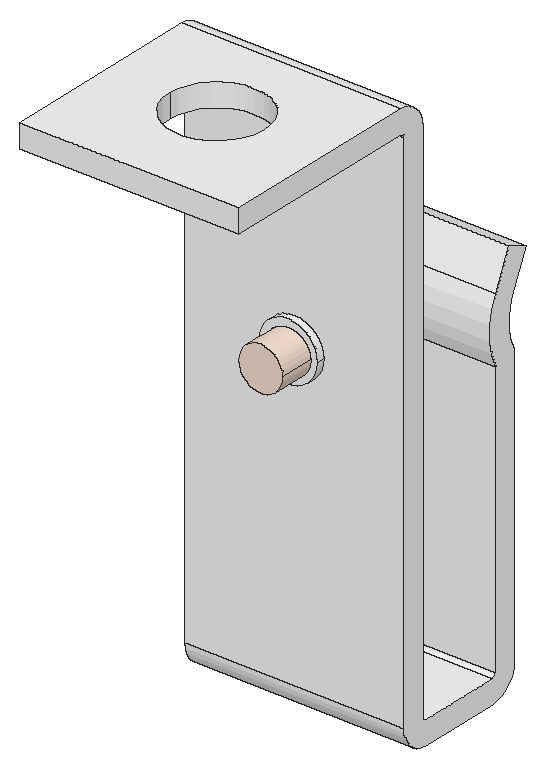
Revit family "RPハンガー3分用(C-38）", category 機械設備, Revit 2020
Family settings
  丸型コネクタ寸法 = 直径を使用
  種別 = なし
  パーツ タイプ = 標準
  作業面ベース = いいえ
  常に垂直 = はい
  ロード時にボイドで切り取り = いいえ
  共有 = いいえ
  部屋計算ポイント = いいえ
Parameters
  製造元 = "株式会社桐井製作所"
  既定の高さ = 0 mm
  URL = "https://www.kirii.co.jp/"
  K_材質 = "SGHC一般用"
  K_品名 = "RPハンガー3分用(C-38)"
  K_名称 = "耐震ハンガー"
  K_入数 = "120"
  K_バージョン情報 = "20210714"
  K_めっき付着量 = "Z12"
  K_JIS規格 = "JIS G 3302"
Reference planes
  plane 1 "中心(正面/背面)": y = 0
  plane 2: z = 0
  plane 3 "中心(左/右)": x = 0
Forms (mm)
  Extrusion 1, solid
    sketch origin (-15, 0, -3.2) x (0, 1, 0) y (0, 0, 1)
      loop
        arc (-9.95, 76.8) -> (-9.596, 76.654) -> (-9.45, 76.301) r 0.5
        line (-9.45, 76.301) -> (-9.45, 3.7)
        arc (-9.45, 3.7) -> (-8.366, 1.084) -> (-5.75, 0) r 3.7
        line (-5.75, 0) -> (5.75, 0)
        arc (5.75, 0) -> (8.366, 1.084) -> (9.45, 3.7) r 3.7
        line (9.45, 3.7) -> (9.45, 41.2)
        arc (9.45, 41.2) -> (9.372, 41.904) -> (9.14, 42.574) r 3.2
        arc (9.14, 42.574) -> (8.438, 45.649) -> (9.097, 48.734) r 7.312
        line (9.097, 48.734) -> (11.412, 53.817) -> (8.501, 55.143) -> (6.25, 50.2)
        arc (6.25, 50.2) -> (5.238, 45.7) -> (6.25, 41.2) r 10.512
        line (6.25, 41.2) -> (6.25, 3.7)
        arc (6.25, 3.7) -> (6.104, 3.346) -> (5.747, 3.2) r 0.5
        line (5.747, 3.2) -> (-5.75, 3.2)
        arc (-5.75, 3.2) -> (-6.104, 3.346) -> (-6.25, 3.7) r 0.5
        line (-6.25, 3.7) -> (-6.25, 76.3)
        arc (-6.25, 76.3) -> (-7.334, 78.916) -> (-9.95, 80) r 3.7
        line (-9.95, 80) -> (-37.699, 80) -> (-37.699, 76.8) -> (-9.95, 76.8)
    from 0 to 30
  Extrusion 2, void
    sketch origin (0, 0, -3.2) x (1, 0, 0) y (0, 0, 1)
      loop
        arc (3.5, 46.695) -> (0, 50.2) -> (-3.5, 46.695) r 3.5
        line (-3.5, 46.695) -> (-3.5, 43.695)
        arc (-3.5, 43.695) -> (0, 40.2) -> (3.5, 43.695) r 3.5
        line (3.5, 43.695) -> (3.5, 46.695)
    from -11 to -4
  Extrusion 3, void
    sketch origin (0, -9.45, -3.2) x (0, 0, -1) y (1, 0, 0)
      loop
        circle (-45.2, 0) r 3
    from -6 to 3
  Extrusion 4, solid
    sketch origin (0, -9.45, -3.2) x (0, 0, -1) y (1, 0, 0)
      loop
        circle (-45.2, 0) r 3
      loop
        circle (-45.2, 0) r 4
    from 0 to 1
  Extrusion 5, void
    sketch origin (0, 0, 0) x (1, 0, 0) y (0, 1, 0)
      loop
        circle (0, -22.699) r 6.5
    from 70 to 80
Cuts and joins
  Extrusion 2, Extrusion 3, Extrusion 5 cuts Extrusion 1
  Extrusion 3 cuts Extrusion 4
Dimensions and locks
  aligned and locked: level to plane 2
Nested families
  nested 1: "M6×25ボルト" at (0, 9.82, 42.149) x (-1, 0, 0) z (0, 0, 1), type "M6×25ボルト"
Definition of nested family "M6×25ボルト"
  Parameters (values of type "M6×25ボルト")
    Manufacturer = "株式会社桐井製作所"
    Default Elevation = 0 mm
    URL = "https://www.kirii.co.jp/"
    K_材料規格 = "M6×L25"
    K_品名 = "M6×25ボルト"
    K_名称 = "ボルト"
  Reference planes
    plane 1 "中心(正面/背面)": y = 0
    plane 2: z = 0
    plane 3 "中心(左/右)": x = 0
    plane 4: x = 10
    plane 5: x = -10
    plane 6 "正面": y = -4
  Forms (mm)
    Extrusion 1, solid
      sketch origin (0, 0, 0) x (1, 0, 0) y (0, 0, 1)
        loop
          line (-4.763, -2.946) -> (0, -5.696) -> (4.763, -2.946) -> (4.763, 2.554) -> (0, 5.304) -> (-4.763, 2.554) -> (-4.763, -2.946)
      from 0 to 4
    Extrusion 2, void
      sketch origin (0, -4, 0) x (-1, 0, 0) y (0, 0, 1)
        loop
          circle (0, -0.156) r 4.396
      from 0 to 1
    Extrusion 3, void
      sketch origin (0, -4, 0) x (-1, 0, 0) y (0, 0, 1)
        loop
          arc (-0.6, 1.814) -> (-1.069, 0.856) -> (-2.036, 0.404) r 1.605
          line (-2.036, 0.404) -> (-2.939, 0.404)
          arc (-2.939, 0.404) -> (-3, -0.195) -> (-2.94, -0.795) r 3
          line (-2.94, -0.795) -> (-2.049, -0.795)
          arc (-2.049, -0.795) -> (-1.074, -1.243) -> (-0.6, -2.206) r 1.605
          line (-0.6, -2.206) -> (-0.6, -3.135)
          arc (-0.6, -3.135) -> (0, -3.196) -> (0.6, -3.135) r 3
          line (0.6, -3.135) -> (0.6, -2.206)
          arc (0.6, -2.206) -> (1.074, -1.243) -> (2.049, -0.795) r 1.605
          line (2.049, -0.795) -> (2.94, -0.795)
          arc (2.94, -0.795) -> (3, -0.198) -> (2.941, 0.398) r 3
          line (2.941, 0.398) -> (2.117, 0.398)
          arc (2.117, 0.398) -> (1.098, 0.828) -> (0.6, 1.814) r 1.605
          line (0.6, 1.814) -> (0.6, 2.743)
          arc (0.6, 2.743) -> (0, 2.804) -> (-0.6, 2.743) r 3
          line (-0.6, 2.743) -> (-0.6, 1.814)
      from 0 to 2
    Extrusion 4, solid
      sketch origin (0, 0, 0) x (1, 0, 0) y (0, 0, 1)
        loop
          circle (-0.011, -0.2) r 3
      from 0 to -25
  Cuts and joins
    Extrusion 2, Extrusion 3 cuts Extrusion 1
    joined: Extrusion 1, Extrusion 4
  Dimensions and locks
    aligned and locked: level to plane 2
